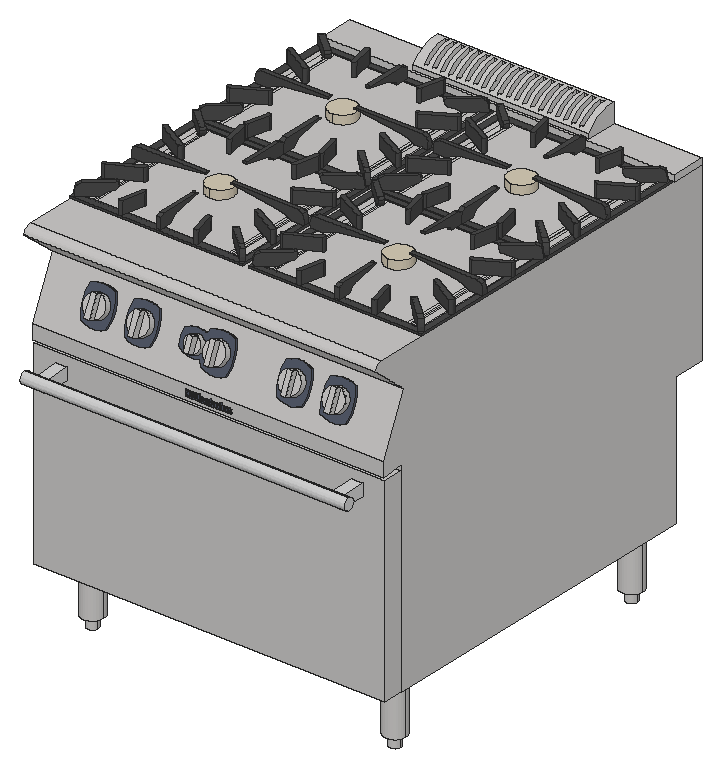
Revit family "QF_ELECTROLUXPROFESSIONAL_391008_E9GCGH4CV", category Specialty Equipment, Revit 2018 (continued)
Automatic sketch dimensions
  Extrusion 10 sketch curve to Extrusion 9 = 0 mm  (x2)
  Extrusion 9 to Extrusion 10 sketch curve = 32.898 mm
  Extrusion 9 to Extrusion 10 sketch curve = 0.189 mm
  Extrusion 10 sketch curve to Extrusion 9 = 38.215 mm
  plane 5 "FRONT" to curve 1 = 0 mm
  curve 10 to plane 3 "LEFT" = 0 mm
  curve 10 to plane 17 = 0 mm
  curve 8 to plane 4 "RIGHT" = 0 mm
  plane 5 "FRONT" to curve 6 = 0 mm
  plane 1 "BACK" to curve 5 = 0 mm
  curve 1 to plane 3 "LEFT" = 100.013 mm
  plane 4 "RIGHT" to curve 10 = 0.1 mm
  curve 3 to plane 4 "RIGHT" = 100.013 mm
  curve 3 to plane 5 "FRONT" = 0.396 mm
  curve 11 to plane 5 "FRONT" = 4.275 mm
  plane 11 to curve 7 = 4.762 mm
  curve 2 to plane 1 "BACK" = 100.013 mm
  radius of Extrusion 17 sketch curve to Extrusion 19 = 0 mm
  radius of Extrusion 11 sketch curve = 6.4 mm
  radius of Extrusion 21 sketch curve = 12.7 mm
  radius of Extrusion 22 sketch curve = 12.7 mm
  radius of Extrusion 23 sketch curve = 6.35 mm
  radius of Extrusion 6 sketch curve = 25.4 mm  (x5)
  radius of Extrusion 6 sketch curve = 19.05 mm
  radius of Extrusion 7 sketch curve to Extrusion 6 = 0 mm  (x6)
Nested families
  nested 1: "371009_BURNER" at (393.7, -440.488, 0) x (-1, 0, 0) z (0, 0, 1), type "371009_BURNER"
    with Type Mark "", Status "", Specification by User "", Revision Code "", Item Number "", Installed By "", Identify Quantity as Lot yes, Furnished By "", Foodservice Equipment Identifier yes
  nested 2: "371009_BURNER" at (393.7, -440.488, 0) x (-1, 0, 0) z (0, 0, 1), type "371009_BURNER"
    with Type Mark "", Status "", Specification by User "", Revision Code "", Item Number "", Installed By "", Identify Quantity as Lot yes, Furnished By "", Foodservice Equipment Identifier yes
  nested 3: "371009_BURNER" at (406.4, -440.488, 0), type "371009_BURNER"
    with Type Mark "", Status "", Specification by User "", Revision Code "", Item Number "", Installed By "", Identify Quantity as Lot yes, Furnished By "", Foodservice Equipment Identifier yes
  nested 4: "371009_BURNER" at (406.4, -440.488, 0), type "371009_BURNER"
    with Type Mark "", Status "", Specification by User "", Revision Code "", Item Number "", Installed By "", Identify Quantity as Lot yes, Furnished By "", Foodservice Equipment Identifier yes
Connectors
  piping at (757.1, -30, 406.813), diameter 12.8
    settings: on Extrusion 11, index 1, connector inside diameter 0.50394", connector length 0 mm, flow factor 0, pipe flow 0 GPM, pressure drop 0.00 psi, fitting loss kfactor 0, connector angle 0.00°, fixture units 0, engagement length 0 mm, angle of deflection 0.00°, flow configuration 1, flow direction 1, fitting loss method 0, system type 7, joint type 0, gender type 0, connector reference index -1, connector utility 0, adjustable connector no, is connector primary yes, connector description "GAS CONNECTION"
  electrical at (552.1, -59, 310), driven by "Volts", driven by "Watts"
    settings: on Extrusion 24, index 2, voltage 230 V, apparent load 0 VA, apparent load phase1 0 VA, apparent load phase2 0 VA, apparent load phase3 0 VA, power factor 1, load classification "Other", number of poles 1, system type 30, power factor state 1, is connector primary yes, connector utility no, sub classification motor no, connector description "ELECTRICAL CONNECTION"
Definition of nested family "371009_BURNER"
  Parameters
    Weight in Pounds = 0
    URL Cutsheet = ""
    URL = "www.electrolux.com"
    Type Mark [instance] = ""
    Status [instance] = ""
    Specification by User [instance] = ""
    Specification by Manufacturer = ""
    Show Clearance [instance] = yes
    Serial Number = ""
    Seismic Rating = ""
    SMACNA No = ""
    Revision Code [instance] = ""
    Omniclass Number and Title = ""
    NAFEM Spec ID Number = ""
    Model = "371009"
    Masterspec = ""
    Manufacturer = "ELECTROLUX"
    Item Number [instance] = ""
    Installed By [instance] = ""
    Identify Quantity as Lot [instance] = yes
    Furnished By [instance] = ""
    Foodservice Equipment Identifier [instance] = yes
    Description = ""
    CSI MasterFormat = ""
    CSI Master Format = ""
  Reference planes
    plane 1 "BACK": y = 0
    plane 2: z = 0
    plane 3 "LEFT": x = 0
    plane 4 "RIGHT": x = 393.7
    plane 5 "FRONT": y = -355.6
    plane 6 "TOP": z = 908.85
    plane 7 "Center Y": x = 196.85
    plane 8 "Center X": y = -177.8
    plane 9 "Base": z = 150
    plane 10: z = 850.85
  Forms (mm)
    Extrusion 1, solid
      sketch origin (-6.433, -404.961, 5) x (1, 0, 0) y (0, 0, -1)
        loop
          arc (7.142, -850.85) -> (6.739, -862.989) -> (9.761, -874.752) r 42.809
          line (9.761, -874.752) -> (19.961, -879.425) -> (173.122, -879.425)
          arc (173.122, -879.425) -> (174.316, -878.312) -> (173.289, -877.043) r 1.197
          line (173.289, -877.043) -> (64.848, -864.021)
          arc (64.848, -864.021) -> (50.111, -858.738) -> (36.589, -850.85) r 85.245
          line (36.589, -850.85) -> (7.142, -850.85)
        loop
          line (399.424, -850.85) -> (369.977, -850.85)
          arc (369.977, -850.85) -> (356.455, -858.738) -> (341.718, -864.021) r 85.245
          line (341.718, -864.021) -> (233.277, -877.043)
          arc (233.277, -877.043) -> (232.25, -878.312) -> (233.444, -879.425) r 1.197
          line (233.444, -879.425) -> (386.605, -879.425) -> (396.806, -874.752)
          arc (396.806, -874.752) -> (399.827, -862.989) -> (399.424, -850.85) r 42.809
      from 224.564 to 234.564
    Extrusion 2, solid
      sketch origin (196.85, 175.397, 1219.2) x (0, 1, 0) y (0, 0, 1)
        loop
          line (-204.463, -363.35) -> (-175.397, -363.35) -> (-175.397, -339.506)
          arc (-175.397, -339.506) -> (-181.025, -338.266) -> (-185.611, -334.775) r 13.39
          line (-185.611, -334.775) -> (-278.903, -334.775)
          arc (-278.903, -334.775) -> (-280.097, -335.888) -> (-279.07, -337.157) r 1.197
          line (-279.07, -337.157) -> (-227.151, -347.464)
          arc (-227.151, -347.464) -> (-213.741, -352.457) -> (-204.463, -363.35) r 28.426
        loop
          arc (-496.332, -363.35) -> (-487.053, -352.457) -> (-473.644, -347.464) r 28.426
          line (-473.644, -347.464) -> (-421.725, -337.157)
          arc (-421.725, -337.157) -> (-420.697, -335.888) -> (-421.891, -334.775) r 1.197
          line (-421.891, -334.775) -> (-515.184, -334.775)
          arc (-515.184, -334.775) -> (-519.769, -338.266) -> (-525.397, -339.506) r 13.39
          line (-525.397, -339.506) -> (-525.397, -363.35) -> (-496.332, -363.35)
      from -5 to 5
    Extrusion 3, solid
      sketch origin (-6.433, 367.064, 850.85) x (0, -1, 0) y (1, 0, 0)
        loop
          line (722.664, 6.433) -> (722.664, 400.133) -> (367.064, 400.133) -> (367.064, 6.433) -> (722.664, 6.433)
        loop
          line (382.064, 21.433) -> (707.664, 21.433) -> (707.664, 385.133) -> (382.064, 385.133) -> (382.064, 21.433)
      from 0 to 5
    Extrusion 4, solid
      sketch origin (-18.933, 367.064, 855.85) x (0, -1, 0) y (1, 0, 0)
        loop
          circle (541.667, 215.783) r 30
      from -1.321 to 17.134
    Extrusion 5, solid
      sketch origin (-6.433, -367.064, 0) x (1, 0, 0) y (0, 0, -1)
        loop
          line (21.433, -855.85) -> (36.589, -855.85)
          arc (36.589, -855.85) -> (40.561, -855.243) -> (44.305, -853.783) r 18.259
          arc (44.305, -853.783) -> (45.997, -853.366) -> (47.69, -853.783) r 3.649
          arc (47.69, -853.783) -> (49.901, -854.522) -> (52.232, -854.529) r 7.328
          line (52.232, -854.529) -> (354.334, -854.529)
          arc (354.334, -854.529) -> (356.666, -854.522) -> (358.877, -853.783) r 7.328
          arc (358.877, -853.783) -> (360.569, -853.366) -> (362.261, -853.783) r 3.649
          arc (362.261, -853.783) -> (366.005, -855.243) -> (369.977, -855.85) r 18.259
          line (369.977, -855.85) -> (385.133, -855.85) -> (385.133, -850.85) -> (21.433, -850.85) -> (21.433, -855.85)
      from 26.464 to 352.064
    Extrusion 6, solid
      sketch origin (83.284, -458.334, 5) x (0.742103, 0.670286, 0) y (0, 0, -1)
        loop
          arc (88.629, -864.012) -> (73.909, -858.731) -> (60.402, -850.85) r 85.245
          line (60.402, -850.85) -> (14.993, -850.85)
          arc (14.993, -850.85) -> (14.642, -862.948) -> (17.686, -874.663) r 42.876
          line (17.686, -874.663) -> (27.899, -879.425) -> (89.664, -879.425)
          arc (89.664, -879.425) -> (92.39, -878.352) -> (93.654, -875.709) r 4
          arc (93.654, -875.709) -> (92.562, -869.25) -> (88.629, -864.012) r 13.87
        loop
          arc (457.638, -864.012) -> (453.704, -869.25) -> (452.613, -875.709) r 13.87
          arc (452.613, -875.709) -> (453.876, -878.352) -> (456.603, -879.425) r 4
          line (456.603, -879.425) -> (518.367, -879.425) -> (528.581, -874.663)
          arc (528.581, -874.663) -> (531.624, -862.948) -> (531.273, -850.85) r 42.876
          line (531.273, -850.85) -> (485.865, -850.85)
          arc (485.865, -850.85) -> (472.357, -858.731) -> (457.638, -864.012) r 85.245
      from 127.064 to 137.064
    Extrusion 7, solid
      sketch origin (310.416, -458.334, 5) x (-0.742103, 0.670286, 0) y (0, 0, 1)
        loop
          arc (88.629, 864.012) -> (92.562, 869.25) -> (93.654, 875.709) r 13.87
          arc (93.654, 875.709) -> (92.39, 878.352) -> (89.664, 879.425) r 4
          line (89.664, 879.425) -> (27.899, 879.425) -> (17.686, 874.663)
          arc (17.686, 874.663) -> (14.642, 862.948) -> (14.993, 850.85) r 42.876
          line (14.993, 850.85) -> (60.402, 850.85)
          arc (60.402, 850.85) -> (73.909, 858.731) -> (88.629, 864.012) r 85.245
        loop
          arc (457.638, 864.012) -> (472.357, 858.731) -> (485.865, 850.85) r 85.245
          line (485.865, 850.85) -> (531.273, 850.85)
          arc (531.273, 850.85) -> (531.624, 862.948) -> (528.581, 874.663) r 42.876
          line (528.581, 874.663) -> (518.367, 879.425) -> (456.603, 879.425)
          arc (456.603, 879.425) -> (453.876, 878.352) -> (452.613, 875.709) r 4
          arc (452.613, 875.709) -> (453.704, 869.25) -> (457.638, 864.012) r 13.87
      from 127.064 to 137.064
    Extrusion 8, solid
      sketch origin (-6.433, 367.064, 855.85) x (0, -1, 0) y (1, 0, 0)
        loop
          arc (626.166, 9.428) -> (632.956, 7.454) -> (634.93, 14.244) r 5
          line (634.93, 14.244) -> (600.514, 76.878)
          arc (600.514, 76.878) -> (593.724, 78.852) -> (591.75, 72.062) r 5
          line (591.75, 72.062) -> (626.166, 9.428)
        loop
          line (463.562, 9.428) -> (497.977, 72.062)
          arc (497.977, 72.062) -> (496.003, 78.852) -> (489.213, 76.878) r 5
          line (489.213, 76.878) -> (454.798, 14.244)
          arc (454.798, 14.244) -> (456.772, 7.454) -> (463.562, 9.428) r 5
        loop
          line (626.166, 397.138) -> (591.75, 334.504)
          arc (591.75, 334.504) -> (593.724, 327.714) -> (600.514, 329.689) r 5
          line (600.514, 329.689) -> (634.93, 392.323)
          arc (634.93, 392.323) -> (632.956, 399.113) -> (626.166, 397.138) r 5
        loop
          arc (463.562, 397.138) -> (456.772, 399.113) -> (454.798, 392.323) r 5
          line (454.798, 392.323) -> (489.213, 329.689)
          arc (489.213, 329.689) -> (496.003, 327.714) -> (497.977, 334.504) r 5
          line (497.977, 334.504) -> (463.562, 397.138)
        loop
          line (715.14, 293.499) -> (666.703, 282.317)
          arc (666.703, 282.317) -> (662.956, 276.32) -> (668.953, 272.573) r 5
          line (668.953, 272.573) -> (717.389, 283.756)
          arc (717.389, 283.756) -> (721.136, 289.752) -> (715.14, 293.499) r 5
        loop
          arc (715.14, 113.067) -> (721.136, 116.814) -> (717.389, 122.811) r 5
          line (717.389, 122.811) -> (668.953, 133.993)
          arc (668.953, 133.993) -> (662.956, 130.246) -> (666.703, 124.249) r 5
          line (666.703, 124.249) -> (715.14, 113.067)
        loop
          arc (374.588, 293.499) -> (368.591, 289.752) -> (372.338, 283.756) r 5
          line (372.338, 283.756) -> (420.775, 272.573)
          arc (420.775, 272.573) -> (426.771, 276.32) -> (423.024, 282.317) r 5
          line (423.024, 282.317) -> (374.588, 293.499)
        loop
          line (374.588, 113.067) -> (423.024, 124.249)
          arc (423.024, 124.249) -> (426.771, 130.246) -> (420.775, 133.993) r 5
          line (420.775, 133.993) -> (372.338, 122.811)
          arc (372.338, 122.811) -> (368.591, 116.814) -> (374.588, 113.067) r 5
      from 0 to 28.575
  Lines and regions (mm)
    symbolic lines
      curve 1: line (0, -355.6, 150) -> (393.7, -355.6, 150)
      curve 2: line (0, 0, 150) -> (0, -355.6, 150)
      curve 3: line (393.7, -355.6, 150) -> (393.7, 0, 150)
      curve 4: line (369.633, -15, 150) -> (285.34, -15, 150)
      curve 5: line (24.067, -340.6, 150) -> (108.36, -340.6, 150)
      curve 6: line (157.475, -170.397, 150) -> (157.475, -15, 150)
      curve 7: line (236.225, -170.397, 150) -> (236.225, -15, 150)
      curve 8: line (201.85, -350, 150) -> (201.85, -176.674, 150)
      curve 9: line (0, -180.397, 150) -> (167.224, -180.397, 150)
      curve 10: line (393.7, -170.397, 150) -> (228.275, -170.397, 150)
      curve 11: line (15, -180.397, 150) -> (15, -252.506, 150)
      curve 12: line (45.799, -340.6, 150) -> (45.799, -320.971, 150)
      curve 13: line (167.224, -170.397, 150) -> (0, -170.397, 150)
      curve 14: line (228.275, -180.504, 150) -> (393.7, -180.504, 150)
      curve 15: arc (228.275, -170.397, 150) -> (223.221, -175.45, 150) -> (228.275, -180.504, 150) r 5.054
      curve 16: arc (167.224, -170.397, 150) -> (172.224, -175.397, 150) -> (167.224, -180.397, 150) r 5
      curve 17: line (191.85, -176.674, 150) -> (191.85, -350, 150)
      curve 18: line (201.85, -134.556, 150) -> (201.85, -0.794, 150)
      curve 19: arc (201.85, -176.674, 150) -> (196.85, -171.674, 150) -> (191.85, -176.674, 150) r 5
      curve 20: arc (201.85, -134.556, 150) -> (196.85, -139.556, 150) -> (191.85, -134.556, 150) r 5
      curve 21: line (191.85, -15, 150) -> (118.623, -15, 150)
      curve 22: arc (201.85, -29.042, 150) -> (213.272, -50.008, 150) -> (201.85, -70.973, 150) r 24.953
      curve 23: arc (213.086, -53.048, 150) -> (214.5, -50.008, 150) -> (213.086, -46.967, 150) r 3.975
      curve 24: arc (191.85, -29.852, 150) -> (181.339, -50.008, 150) -> (191.85, -70.163, 150) r 24.58
      curve 25: arc (181.527, -53.042, 150) -> (179.976, -50.008, 150) -> (181.527, -46.973, 150) r 3.745
      curve 26: line (191.85, -0.794, 150) -> (191.85, -134.556, 150)
      curve 27: line (191.85, -350, 150) -> (201.85, -350, 150)
      curve 28: line (191.85, -11.007, 150) -> (201.85, -11.007, 150)
      curve 29: line (191.85, -0.794, 150) -> (201.85, -0.794, 150)
      curve 30: line (201.85, -340.6, 150) -> (275.077, -340.6, 150)
      curve 31: arc (196.85, -145.397, 0) -> (166.955, -172.888, 0) -> (191.85, -204.977, 0) r 30
      curve 32: arc (201.85, -204.977, 0) -> (226.745, -172.888, 0) -> (196.85, -145.397, 0) r 30
      curve 33: arc (158.678, -180.397, 0) -> (170.734, -200.207, 0) -> (191.85, -209.795, 0) r 39.375
      curve 34: line (163.825, -170.397, 150) -> (163.825, -15, 150)
      curve 35: line (229.875, -170.397, 150) -> (229.875, -15, 150)
      curve 36: line (144.775, -170.397, 150) -> (144.775, -15, 150)
      curve 37: line (248.925, -170.397, 150) -> (248.925, -15, 150)
      curve 38: arc (145.678, -180.397, 0) -> (161.728, -209.187, 0) -> (191.85, -222.573, 0) r 52.075
      curve 39: arc (201.85, -209.795, 0) -> (222.966, -200.207, 0) -> (235.022, -180.397, 0) r 39.375
      curve 40: arc (201.85, -222.573, 0) -> (231.931, -209.224, 0) -> (248.001, -180.504, 0) r 52.075
      curve 41: line (393.7, 0, 0) -> (0, 0, 0)
      curve 42: line (70.445, -122.149, 0) -> (7.81, -87.734, 0)
      curve 43: arc (7.81, -87.734, 0) -> (1.021, -89.708, 0) -> (2.995, -96.498, 0) r 5
      curve 44: line (2.995, -96.498, 0) -> (65.629, -130.914, 0)
      curve 45: arc (65.629, -130.914, 0) -> (72.419, -128.939, 0) -> (70.445, -122.149, 0) r 5
      curve 46: line (65.629, -224.686, 0) -> (2.995, -259.102, 0)
      curve 47: arc (2.995, -259.102, 0) -> (1.021, -265.892, 0) -> (7.81, -267.866, 0) r 5
      curve 48: line (7.81, -267.866, 0) -> (70.445, -233.451, 0)
      curve 49: arc (70.445, -233.451, 0) -> (72.419, -226.661, 0) -> (65.629, -224.686, 0) r 5
      curve 50: line (323.255, -122.149, 0) -> (385.89, -87.734, 0)
      curve 51: arc (385.89, -87.734, 0) -> (392.679, -89.708, 0) -> (390.705, -96.498, 0) r 5
      curve 52: line (390.705, -96.498, 0) -> (328.071, -130.914, 0)
      curve 53: arc (328.071, -130.914, 0) -> (321.281, -128.939, 0) -> (323.255, -122.149, 0) r 5
      curve 54: line (328.071, -224.686, 0) -> (390.705, -259.102, 0)
      curve 55: arc (390.705, -259.102, 0) -> (392.679, -265.892, 0) -> (385.89, -267.866, 0) r 5
      curve 56: line (385.89, -267.866, 0) -> (323.255, -233.451, 0)
      curve 57: arc (323.255, -233.451, 0) -> (321.281, -226.661, 0) -> (328.071, -224.686, 0) r 5
      curve 58: line (118.623, -340.6, 150) -> (191.85, -340.6, 150)
      curve 59: line (285.34, -340.6, 150) -> (369.633, -340.6, 150)
      curve 60: line (378.7, -335.314, 0) -> (378.7, -263.916, 0)
      curve 61: line (1.326, -7.935, 0) -> (58.752, -59.804, 0)
      curve 62: line (65.455, -52.383, 0) -> (8.029, -0.514, 0)
      curve 63: arc (58.752, -59.804, 0) -> (65.814, -59.445, 0) -> (65.455, -52.383, 0) r 5
      curve 64: line (1.326, -7.935, 0) -> (8.029, -0.514, 0)
      curve 65: line (392.374, -7.935, 0) -> (334.948, -59.804, 0)
      curve 66: line (328.245, -52.383, 0) -> (385.671, -0.514, 0)
      curve 67: arc (334.948, -59.804, 0) -> (327.886, -59.445, 0) -> (328.245, -52.383, 0) r 5
      curve 68: line (392.374, -7.935, 0) -> (385.671, -0.514, 0)
      curve 69: line (392.374, -347.665, 0) -> (334.948, -295.796, 0)
      curve 70: line (328.245, -303.217, 0) -> (385.671, -355.086, 0)
      curve 71: arc (334.948, -295.796, 0) -> (327.886, -296.155, 0) -> (328.245, -303.217, 0) r 5
      curve 72: line (392.374, -347.665, 0) -> (385.671, -355.086, 0)
      curve 73: line (1.326, -347.665, 0) -> (58.752, -295.796, 0)
      curve 74: line (65.455, -303.217, 0) -> (8.029, -355.086, 0)
      curve 75: arc (58.752, -295.796, 0) -> (65.814, -296.155, 0) -> (65.455, -303.217, 0) r 5
      curve 76: line (1.326, -347.665, 0) -> (8.029, -355.086, 0)
      curve 77: line (347.901, -15, 0) -> (347.901, -34.629, 0)
      curve 78: line (347.901, -320.971, 0) -> (347.901, -340.6, 0)
      curve 79: line (378.7, -252.506, 0) -> (378.7, -180.397, 0)
      curve 80: line (347.901, -246.993, 0) -> (347.901, -307.496, 0)
      curve 81: line (378.7, -170.397, 0) -> (378.7, -103.094, 0)
      curve 82: line (347.901, -180.397, 0) -> (347.901, -235.582, 0)
      curve 83: line (378.7, -91.684, 0) -> (378.7, -20.286, 0)
      curve 84: line (347.901, -120.018, 0) -> (347.901, -170.397, 0)
      curve 85: line (347.901, -48.104, 0) -> (347.901, -108.607, 0)
      curve 86: line (275.077, -15, 150) -> (201.85, -15, 150)
      curve 87: line (108.36, -15, 150) -> (24.067, -15, 150)
      curve 88: line (45.799, -40, 150) -> (45.799, -15, 150)
      curve 89: line (45.799, -108.607, 150) -> (45.799, -40, 150)
      curve 90: line (15, -20.286, 0) -> (15, -91.684, 0)
      curve 91: line (15, -103.094, 0) -> (15, -170.397, 0)
      curve 92: line (45.799, -170.397, 150) -> (45.799, -120.018, 150)
      curve 93: line (45.799, -235.582, 150) -> (45.799, -180.397, 150)
      curve 94: line (15, -263.916, 150) -> (15, -335.314, 150)
      curve 95: line (45.799, -307.496, 150) -> (45.799, -246.993, 150)
      curve 96: line (116.378, -350.325, 0) -> (127.56, -301.889, 0)
      curve 97: arc (127.56, -301.889, 0) -> (123.813, -295.892, 0) -> (117.816, -299.64, 0) r 5
      curve 98: line (117.816, -299.64, 0) -> (106.634, -348.076, 0)
      curve 99: arc (106.634, -348.076, 0) -> (110.381, -354.072, 0) -> (116.378, -350.325, 0) r 5
      curve 100: line (266.14, -301.889, 0) -> (277.322, -350.325, 0)
      curve 101: arc (277.322, -350.325, 0) -> (283.319, -354.072, 0) -> (287.066, -348.076, 0) r 5
      curve 102: line (287.066, -348.076, 0) -> (275.884, -299.64, 0)
      curve 103: arc (275.884, -299.64, 0) -> (269.887, -295.892, 0) -> (266.14, -301.889, 0) r 5
      curve 104: line (275.884, -55.96, 0) -> (287.066, -7.524, 0)
      curve 105: arc (287.066, -7.524, 0) -> (283.319, -1.528, 0) -> (277.322, -5.275, 0) r 5
      curve 106: line (277.322, -5.275, 0) -> (266.14, -53.711, 0)
      curve 107: arc (266.14, -53.711, 0) -> (269.887, -59.708, 0) -> (275.884, -55.96, 0) r 5
      curve 108: line (127.56, -53.711, 0) -> (116.378, -5.275, 0)
      curve 109: arc (116.378, -5.275, 0) -> (110.381, -1.528, 0) -> (106.634, -7.524, 0) r 5
      curve 110: line (106.634, -7.524, 0) -> (117.816, -55.96, 0)
      curve 111: arc (117.816, -55.96, 0) -> (123.813, -59.708, 0) -> (127.56, -53.711, 0) r 5
  Dimensions and locks
    equal spacing: plane 3 "LEFT", plane 7 "Center Y", plane 4 "RIGHT"
    plane 3 "LEFT" to plane 4 "RIGHT" = 393.7 mm
    equal spacing: plane 5 "FRONT", plane 8 "Center X", plane 1 "BACK"
    plane 5 "FRONT" to plane 1 "BACK" = 355.6 mm
    plane 6 "TOP" to level = 908.85 mm
    plane 9 "Base" to level = 150 mm
    plane 6 "TOP" to plane 10 = 58 mm  (x2)
    locked: Extrusion 4 sketch curve to plane 7 "Center Y" at 0
    aligned and locked: level to plane 2
  Automatic sketch dimensions
    curve 10 to plane 4 "RIGHT" = 0 mm
    curve 20 to plane 7 "Center Y" = 0 mm
    curve 19 to plane 7 "Center Y" = 0 mm
    curve 9 to plane 3 "LEFT" = 0 mm
    plane 1 "BACK" to curve 2 = 0 mm
    plane 1 "BACK" to curve 3 = 0 mm
    plane 5 "FRONT" to curve 2 = 0 mm
    curve 4 to plane 4 "RIGHT" = 24.067 mm
    curve 59 to plane 4 "RIGHT" = 24.067 mm
    plane 1 "BACK" to curve 37 = 15 mm
    plane 7 "Center Y" to curve 37 = 52.075 mm
    curve 37 to curve 7 = 12.7 mm
    curve 7 to curve 35 = 6.35 mm
    plane 8 "Center X" to curve 15 = 2.35 mm
    curve 35 to curve 15 = 1.6 mm
    plane 7 "Center Y" to curve 23 = 16.236 mm
    curve 23 to curve 23 = 0 mm
    curve 23 to curve 23 = 2.56 mm
    curve 23 to curve 24 = 4.607 mm
    plane 7 "Center Y" to curve 86 = 5 mm
    plane 7 "Center Y" to curve 27 = 5 mm
    curve 22 to plane 7 "Center Y" = 8.531 mm
    curve 22 to curve 25 = 4.597 mm
    curve 25 to curve 25 = 2.194 mm  (x2)
    curve 9 to plane 8 "Center X" = 2.597 mm
    curve 17 to curve 9 = 24.626 mm
    curve 21 to curve 34 = 28.025 mm
    curve 34 to curve 6 = 6.35 mm
    plane 8 "Center X" to curve 36 = 7.403 mm
    curve 6 to curve 36 = 12.7 mm
    plane 3 "LEFT" to curve 12 = 45.799 mm
    plane 3 "LEFT" to curve 87 = 24.067 mm
    plane 3 "LEFT" to curve 5 = 24.067 mm
    plane 1 "BACK" to curve 26 = 0.794 mm
    curve 28 to curve 86 = 3.993 mm
    curve 28 to curve 21 = 3.993 mm
    curve 86 to curve 22 = 14.042 mm
    curve 22 to curve 24 = 0.81 mm
    curve 22 to curve 23 = 17.925 mm
    curve 25 to curve 22 = 3.035 mm
    plane 8 "Center X" to curve 26 = 43.244 mm
    curve 15 to curve 15 = 5.054 mm
    plane 8 "Center X" to curve 17 = 1.126 mm
    curve 94 to curve 12 = 5.286 mm
    curve 58 to plane 5 "FRONT" = 15 mm
    curve 59 to plane 5 "FRONT" = 15 mm
    curve 8 to plane 5 "FRONT" = 5.6 mm
    plane 3 "LEFT" to Extrusion 1 sketch curve = 0.709 mm
    plane 3 "LEFT" to Extrusion 1 sketch curve = 3.327 mm
    Extrusion 1 sketch curve to Extrusion 1 sketch curve = 10.201 mm
    plane 10 to Extrusion 1 sketch curve = 5 mm  (x2)
    Extrusion 1 sketch curve to Extrusion 1 sketch curve = 29.447 mm
    Extrusion 1 sketch curve to Extrusion 1 sketch curve = 12.704 mm  (x2)
    Extrusion 1 sketch curve to Extrusion 1 sketch curve = 15.555 mm  (x2)
    plane 3 "LEFT" to Extrusion 1 sketch curve = 79.689 mm
    Extrusion 1 sketch curve to plane 7 "Center Y" = 30.161 mm
    Extrusion 1 sketch curve to Extrusion 1 sketch curve = 0.167 mm  (x2)
    plane 7 "Center Y" to Extrusion 1 sketch curve = 29.994 mm
    Extrusion 1 sketch curve to plane 4 "RIGHT" = 79.689 mm
    plane 10 to Extrusion 1 sketch curve = 18.171 mm
    Extrusion 1 sketch curve to plane 4 "RIGHT" = 58.415 mm
    Extrusion 1 sketch curve to plane 4 "RIGHT" = 13.528 mm
    Extrusion 1 sketch curve to plane 4 "RIGHT" = 3.327 mm
    Extrusion 1 sketch curve to plane 4 "RIGHT" = 0.709 mm
    Extrusion 1 sketch curve to Extrusion 1 sketch curve = 23.902 mm  (x2)
    Extrusion 1 sketch curve to plane 6 "TOP" = 26.807 mm  (x2)
    Extrusion 1 sketch curve to Extrusion 1 sketch curve = 1.185 mm  (x2)
    Extrusion 1 sketch curve to Extrusion 1 sketch curve = 5.694 mm
    Extrusion 2 sketch curve to plane 1 "BACK" = 0 mm
    plane 1 "BACK" to Extrusion 2 sketch curve = 10.213 mm
    plane 10 to Extrusion 2 sketch curve = 5 mm  (x2)
    plane 1 "BACK" to Extrusion 2 sketch curve = 29.066 mm
    plane 10 to Extrusion 2 sketch curve = 20.886 mm
    Extrusion 2 sketch curve to Extrusion 2 sketch curve = 22.688 mm  (x2)
    Extrusion 2 sketch curve to plane 10 = 7.392 mm  (x2)
    Extrusion 2 sketch curve to plane 6 "TOP" = 24.425 mm
    Extrusion 2 sketch curve to Extrusion 2 sketch curve = 51.752 mm
    Extrusion 2 sketch curve to plane 6 "TOP" = 26.807 mm  (x2)
    Extrusion 2 sketch curve to Extrusion 2 sketch curve = 0.167 mm  (x2)
    Extrusion 2 sketch curve to plane 8 "Center X" = 68.528 mm
    Extrusion 2 sketch curve to plane 5 "FRONT" = 60.248 mm
    Extrusion 2 sketch curve to Extrusion 2 sketch curve = 2.895 mm
    Extrusion 2 sketch curve to plane 5 "FRONT" = 15.813 mm
    Extrusion 2 sketch curve to plane 5 "FRONT" = 5.6 mm
    Extrusion 2 sketch curve to Extrusion 2 sketch curve = 4.731 mm
    Extrusion 2 sketch curve to Extrusion 2 sketch curve = 23.844 mm
    Extrusion 2 sketch curve to Extrusion 2 sketch curve = 1.185 mm
    plane 1 "BACK" to Extrusion 3 sketch curve = 0 mm
    Extrusion 3 sketch curve to plane 3 "LEFT" = 0 mm
    plane 5 "FRONT" to Extrusion 3 sketch curve = 0 mm
    Extrusion 3 sketch curve to plane 4 "RIGHT" = 0 mm
    plane 1 "BACK" to Extrusion 3 sketch curve = 15 mm
    Extrusion 3 sketch curve to plane 5 "FRONT" = 15 mm
    plane 3 "LEFT" to Extrusion 3 sketch curve = 15 mm
    Extrusion 3 sketch curve to plane 4 "RIGHT" = 15 mm
    Extrusion 3 to Extrusion 4 sketch curve = 159.603 mm
    Extrusion 5 sketch curve to plane 10 = 0 mm
    plane 3 "LEFT" to Extrusion 5 sketch curve = 15 mm
    Extrusion 5 sketch curve to Extrusion 5 sketch curve = 14.402 mm
    plane 10 to Extrusion 5 sketch curve = 5 mm
    Extrusion 5 sketch curve to Extrusion 5 sketch curve = 15.156 mm
    plane 10 to Extrusion 5 sketch curve = 2.933 mm  (x3)
    Extrusion 5 sketch curve to Extrusion 5 sketch curve = 7.716 mm  (x2)
    Extrusion 5 sketch curve to Extrusion 5 sketch curve = 0 mm  (x3)
    Extrusion 5 sketch curve to Extrusion 5 sketch curve = 1.692 mm  (x2)
    Extrusion 5 sketch curve to Extrusion 5 sketch curve = 3.385 mm  (x2)
    Extrusion 5 sketch curve to plane 10 = 3.559 mm  (x2)
    plane 10 to Extrusion 5 sketch curve = 3.679 mm
    Extrusion 5 sketch curve to plane 4 "RIGHT" = 45.799 mm
    Extrusion 5 sketch curve to Extrusion 5 sketch curve = 1.143 mm
    Extrusion 5 sketch curve to plane 10 = 13.244 mm
    Extrusion 5 sketch curve to plane 4 "RIGHT" = 15 mm
    plane 10 to Extrusion 6 sketch curve = 5 mm  (x2)
    Extrusion 6 sketch curve to Extrusion 6 sketch curve = 2.692 mm  (x2)
    Extrusion 6 sketch curve to Extrusion 6 sketch curve = 10.213 mm  (x2)
    plane 10 to Extrusion 6 sketch curve = 12.281 mm
    Extrusion 6 sketch curve to Extrusion 6 sketch curve = 29.348 mm  (x2)
    Extrusion 6 sketch curve to Extrusion 6 sketch curve = 3.155 mm  (x2)
    Extrusion 6 sketch curve to Extrusion 6 sketch curve = 22.572 mm
    Extrusion 6 sketch curve to Extrusion 6 sketch curve = 8.81 mm
    Extrusion 6 sketch curve to Extrusion 6 sketch curve = 9.845 mm  (x2)
    Extrusion 6 sketch curve to Extrusion 6 sketch curve = 3.99 mm  (x2)
    Extrusion 6 sketch curve to Extrusion 6 sketch curve = 0 mm  (x2)
    Extrusion 6 sketch curve to Extrusion 6 sketch curve = 49.533 mm
    Extrusion 6 sketch curve to plane 10 = 64.377 mm
    Extrusion 6 sketch curve to Extrusion 6 sketch curve = 326.397 mm
    Extrusion 6 sketch curve to plane 6 "TOP" = 28.141 mm
    Extrusion 6 sketch curve to Extrusion 6 sketch curve = 16.281 mm
    Extrusion 6 sketch curve to Extrusion 6 sketch curve = 1.035 mm
    Extrusion 6 sketch curve to Extrusion 6 sketch curve = 19.417 mm
    Extrusion 6 sketch curve to Extrusion 6 sketch curve = 4.763 mm  (x2)
    Extrusion 6 sketch curve to Extrusion 6 sketch curve = 3.716 mm
    plane 10 to Extrusion 7 sketch curve = 5 mm  (x2)
    Extrusion 7 sketch curve to Extrusion 7 sketch curve = 2.692 mm  (x2)
    Extrusion 7 sketch curve to Extrusion 7 sketch curve = 10.213 mm  (x2)
    plane 10 to Extrusion 7 sketch curve = 12.281 mm
    Extrusion 7 sketch curve to Extrusion 7 sketch curve = 29.348 mm  (x2)
    Extrusion 7 sketch curve to Extrusion 7 sketch curve = 3.155 mm  (x2)
    Extrusion 7 sketch curve to Extrusion 7 sketch curve = 22.572 mm
    Extrusion 7 sketch curve to Extrusion 7 sketch curve = 8.81 mm
    Extrusion 7 sketch curve to Extrusion 7 sketch curve = 9.845 mm  (x2)
    Extrusion 7 sketch curve to Extrusion 7 sketch curve = 3.99 mm  (x2)
    Extrusion 7 sketch curve to Extrusion 7 sketch curve = 0 mm  (x2)
    Extrusion 7 sketch curve to Extrusion 7 sketch curve = 21.306 mm
    Extrusion 7 sketch curve to plane 10 = 64.377 mm  (x2)
    Extrusion 7 sketch curve to Extrusion 7 sketch curve = 326.397 mm
    Extrusion 7 sketch curve to plane 6 "TOP" = 28.141 mm
    Extrusion 7 sketch curve to Extrusion 7 sketch curve = 16.281 mm
    Extrusion 7 sketch curve to Extrusion 7 sketch curve = 1.035 mm
    Extrusion 7 sketch curve to Extrusion 7 sketch curve = 19.417 mm
    Extrusion 7 sketch curve to Extrusion 7 sketch curve = 7.281 mm
    Extrusion 7 sketch curve to Extrusion 7 sketch curve = 10.713 mm
    curve 58 to curve 12 = 72.824 mm
    curve 30 to curve 30 = 73.227 mm
    curve 58 to curve 5 = 10.263 mm
    curve 5 to curve 58 = 0 mm
    curve 59 to curve 30 = 10.263 mm
    curve 30 to curve 8 = 9.4 mm
    curve 31 to curve 32 = 0 mm
    curve 33 to curve 38 = 0 mm  (x2)
    curve 33 to curve 39 = 0 mm  (x2)
    curve 33 to curve 40 = 0 mm  (x2)
    plane 1 "BACK" to curve 41 = 0 mm
    curve 41 to plane 3 "LEFT" = 0 mm
    curve 31 to plane 7 "Center Y" = 0 mm
    curve 33 to plane 7 "Center Y" = 0 mm
    curve 41 to plane 4 "RIGHT" = 0 mm
    plane 3 "LEFT" to curve 76 = 1.326 mm
    plane 3 "LEFT" to curve 64 = 1.326 mm
    plane 3 "LEFT" to curve 44 = 2.995 mm
    plane 3 "LEFT" to curve 46 = 2.995 mm
    curve 43 to curve 43 = 2.408 mm
    curve 46 to curve 47 = 2.408 mm
    curve 47 to curve 47 = 2.408 mm
    curve 43 to curve 42 = 2.408 mm
    curve 76 to plane 5 "FRONT" = 0.514 mm
    plane 3 "LEFT" to curve 76 = 8.029 mm
    plane 1 "BACK" to curve 62 = 0.514 mm
    plane 3 "LEFT" to curve 62 = 8.029 mm
    curve 48 to curve 75 = 50.941 mm
    curve 43 to curve 63 = 50.941 mm
    curve 75 to curve 75 = 3.351 mm
    curve 63 to curve 63 = 3.351 mm
    plane 1 "BACK" to curve 62 = 52.383 mm
    curve 63 to curve 62 = 3.351 mm
    curve 74 to plane 5 "FRONT" = 52.383 mm
    curve 75 to curve 74 = 3.351 mm
    plane 3 "LEFT" to curve 46 = 65.629 mm
    plane 3 "LEFT" to curve 44 = 65.629 mm
    curve 45 to curve 45 = 2.408 mm
    curve 46 to curve 49 = 2.408 mm
    curve 49 to curve 48 = 2.408 mm
    curve 45 to curve 42 = 2.408 mm
    curve 38 to plane 8 "Center X" = 2.597 mm
    curve 38 to plane 7 "Center Y" = 51.172 mm
    curve 33 to plane 8 "Center X" = 2.597 mm
    curve 38 to curve 33 = 12.999 mm
    curve 33 to plane 7 "Center Y" = 5 mm
    curve 38 to plane 7 "Center Y" = 5 mm
    curve 31 to curve 33 = 0 mm
    plane 7 "Center Y" to curve 32 = 5 mm
    plane 7 "Center Y" to curve 40 = 5 mm
    curve 39 to curve 32 = 0 mm
    curve 39 to plane 8 "Center X" = 2.597 mm
    plane 7 "Center Y" to curve 39 = 38.172 mm
    curve 40 to plane 8 "Center X" = 2.704 mm
    curve 39 to curve 40 = 12.979 mm
    curve 50 to plane 4 "RIGHT" = 70.445 mm
    curve 57 to plane 4 "RIGHT" = 70.445 mm
    curve 50 to curve 53 = 2.408 mm
    curve 57 to curve 57 = 2.408 mm  (x2)
    curve 53 to curve 53 = 2.408 mm
    curve 71 to curve 71 = 3.351 mm
    curve 67 to curve 67 = 3.351 mm
    curve 71 to curve 69 = 3.351 mm
    curve 67 to curve 65 = 3.351 mm
    curve 60 to plane 4 "RIGHT" = 15 mm
    curve 72 to plane 5 "FRONT" = 0.514 mm
    curve 72 to plane 4 "RIGHT" = 8.029 mm
    plane 1 "BACK" to curve 68 = 0.514 mm
    curve 68 to plane 4 "RIGHT" = 8.029 mm
    curve 50 to plane 4 "RIGHT" = 7.81 mm
    curve 55 to plane 4 "RIGHT" = 7.81 mm
    curve 55 to curve 55 = 2.408 mm
    curve 50 to curve 51 = 2.408 mm
    curve 55 to plane 4 "RIGHT" = 2.995 mm
    curve 51 to plane 4 "RIGHT" = 2.995 mm
    curve 69 to plane 4 "RIGHT" = 1.326 mm
    curve 65 to plane 4 "RIGHT" = 1.326 mm
    curve 72 to plane 5 "FRONT" = 7.935 mm
    curve 60 to plane 5 "FRONT" = 20.286 mm
    curve 71 to curve 56 = 27.93 mm
    curve 73 to curve 48 = 27.93 mm
    curve 47 to curve 47 = 4.382 mm
    curve 55 to curve 55 = 4.382 mm
    curve 56 to plane 8 "Center X" = 55.651 mm
    curve 48 to plane 8 "Center X" = 55.651 mm
    curve 57 to curve 57 = 4.382 mm
    curve 49 to curve 49 = 4.382 mm
    curve 40 to plane 8 "Center X" = 44.773 mm
    curve 39 to curve 32 = 4.818 mm
    plane 8 "Center X" to curve 31 = 2.403 mm
    plane 8 "Center X" to curve 45 = 46.886 mm
    plane 8 "Center X" to curve 52 = 46.886 mm
    curve 53 to curve 53 = 4.382 mm
    curve 45 to curve 45 = 4.382 mm
    curve 53 to curve 52 = 34.416 mm
    curve 44 to curve 61 = 36.694 mm
    curve 43 to curve 43 = 4.382 mm
    curve 51 to curve 51 = 4.382 mm
    curve 51 to curve 65 = 27.93 mm
    plane 1 "BACK" to curve 83 = 20.286 mm
    plane 1 "BACK" to curve 88 = 15 mm
    plane 1 "BACK" to curve 77 = 15 mm
    curve 77 to curve 83 = 30.799 mm
    curve 78 to plane 5 "FRONT" = 15 mm
    curve 80 to curve 71 = 7.989 mm
    curve 78 to curve 60 = 30.799 mm
    curve 78 to curve 80 = 13.475 mm
    curve 55 to curve 79 = 10.979 mm
    curve 82 to curve 57 = 6.514 mm
    curve 80 to curve 78 = 0 mm
    curve 80 to curve 82 = 11.41 mm
    curve 77 to curve 66 = 37.77 mm
    curve 60 to curve 79 = 11.41 mm
    plane 8 "Center X" to curve 81 = 7.403 mm
    plane 8 "Center X" to curve 84 = 7.403 mm
    curve 82 to plane 8 "Center X" = 2.597 mm
    curve 82 to curve 84 = 0 mm
    curve 79 to plane 8 "Center X" = 2.597 mm
    curve 79 to curve 81 = 0 mm
    curve 81 to curve 51 = 10.979 mm
    curve 53 to curve 85 = 17.924 mm
    curve 84 to curve 81 = 30.799 mm
    curve 84 to curve 85 = 11.41 mm
    curve 52 to curve 84 = 19.83 mm
    curve 81 to curve 83 = 11.41 mm
    curve 67 to curve 85 = 7.989 mm
    curve 85 to curve 77 = 0 mm
    curve 85 to curve 77 = 13.475 mm
    curve 86 to curve 37 = 26.152 mm
    curve 4 to curve 86 = 10.263 mm
    curve 86 to curve 4 = 0 mm
    curve 36 to curve 21 = 26.152 mm
    curve 88 to curve 88 = 25 mm
    plane 8 "Center X" to curve 89 = 69.193 mm
    curve 43 to curve 90 = 9.597 mm
    curve 43 to curve 90 = 0.432 mm
    plane 1 "BACK" to curve 90 = 20.286 mm
    curve 93 to plane 8 "Center X" = 2.597 mm
    plane 8 "Center X" to curve 91 = 7.403 mm
    curve 95 to plane 8 "Center X" = 69.193 mm
    curve 93 to curve 94 = 28.333 mm
    curve 95 to curve 12 = 33.104 mm
    curve 21 to curve 87 = 10.263 mm
    curve 87 to curve 21 = 0 mm
    curve 91 to curve 90 = 11.41 mm
    curve 89 to curve 87 = 21.732 mm
    curve 89 to curve 92 = 11.41 mm
    curve 92 to curve 89 = 0 mm
    plane 8 "Center X" to curve 92 = 7.403 mm
    curve 91 to curve 90 = 0 mm
    curve 93 to curve 95 = 0 mm
    curve 93 to curve 95 = 11.41 mm
    curve 11 to curve 94 = 0 mm
    curve 11 to curve 94 = 11.41 mm
    curve 95 to curve 11 = 30.799 mm
    curve 95 to curve 12 = 13.475 mm
    plane 3 "LEFT" to curve 95 = 45.799 mm
    curve 95 to curve 5 = 33.104 mm
    Extrusion 8 sketch curve to Extrusion 3 = 5.275 mm  (x2)
    Extrusion 8 sketch curve to Extrusion 8 sketch curve = 1.125 mm  (x16)
    Extrusion 3 to Extrusion 8 sketch curve = 38.711 mm  (x2)
    Extrusion 8 sketch curve to Extrusion 3 = 7.19 mm  (x3)
    Extrusion 3 to Extrusion 8 sketch curve = 72.734 mm  (x2)
    Extrusion 8 sketch curve to Extrusion 8 sketch curve = 4.382 mm  (x16)
    Extrusion 8 sketch curve to Extrusion 3 = 2.995 mm  (x4)
    Extrusion 8 sketch curve to Extrusion 8 sketch curve = 34.416 mm  (x4)
    Extrusion 3 to Extrusion 8 sketch curve = 50.629 mm  (x3)
    Extrusion 8 sketch curve to Extrusion 8 sketch curve = 93.773 mm  (x2)
    Extrusion 3 to Extrusion 8 sketch curve = 40.96 mm  (x2)
    Extrusion 8 sketch curve to Extrusion 3 = 7.476 mm  (x2)
    Extrusion 8 sketch curve to Extrusion 8 sketch curve = 2.408 mm  (x4)
    Extrusion 3 to Extrusion 8 sketch curve = 91.634 mm  (x2)
    Extrusion 8 sketch curve to Extrusion 8 sketch curve = 4.872 mm  (x8)
    Extrusion 8 sketch curve to Extrusion 8 sketch curve = 11.182 mm  (x4)
    Extrusion 3 to Extrusion 8 sketch curve = 112.56 mm
    Extrusion 8 sketch curve to Extrusion 8 sketch curve = 61.931 mm
    Extrusion 3 to Extrusion 8 sketch curve = 55.445 mm
    Extrusion 8 sketch curve to Extrusion 8 sketch curve = 4.816 mm
    curve 67 to curve 85 = 19.656 mm
    curve 71 to curve 80 = 19.656 mm
    curve 99 to plane 5 "FRONT" = 7.524 mm
    curve 74 to curve 99 = 41.179 mm
    curve 98 to curve 99 = 4.872 mm
    curve 96 to plane 5 "FRONT" = 5.275 mm
    curve 99 to curve 96 = 4.872 mm
    curve 99 to curve 98 = 11.182 mm
    curve 98 to curve 97 = 4.872 mm
    curve 96 to plane 5 "FRONT" = 53.711 mm
    curve 97 to curve 96 = 4.872 mm
    curve 97 to curve 97 = 1.125 mm
    curve 103 to curve 70 = 62.105 mm
    curve 103 to curve 103 = 4.872 mm  (x2)
    curve 100 to plane 5 "FRONT" = 5.275 mm
    curve 100 to curve 100 = 11.182 mm
    curve 101 to curve 101 = 4.872 mm
    curve 102 to plane 5 "FRONT" = 7.524 mm
    curve 101 to curve 102 = 4.872 mm
    curve 100 to curve 100 = 48.436 mm
    curve 103 to curve 103 = 1.125 mm
    curve 106 to curve 67 = 62.105 mm
    curve 107 to curve 107 = 4.872 mm
    plane 1 "BACK" to curve 104 = 55.96 mm
    curve 107 to curve 104 = 4.872 mm
    plane 1 "BACK" to curve 105 = 5.275 mm
    curve 107 to curve 105 = 11.182 mm
    curve 105 to curve 105 = 4.872 mm  (x2)
    curve 107 to curve 107 = 1.125 mm
    plane 1 "BACK" to curve 104 = 7.524 mm
    plane 1 "BACK" to curve 109 = 7.524 mm
    curve 62 to curve 109 = 41.179 mm
    curve 109 to curve 109 = 4.872 mm
    plane 1 "BACK" to curve 108 = 5.275 mm
    curve 109 to curve 108 = 4.872 mm
    curve 110 to curve 111 = 11.182 mm
    curve 110 to curve 111 = 4.872 mm
    plane 1 "BACK" to curve 108 = 53.711 mm
    curve 111 to curve 108 = 4.872 mm
    curve 111 to curve 108 = 2.25 mm
    radius of Extrusion 4 sketch curve = 30 mm
